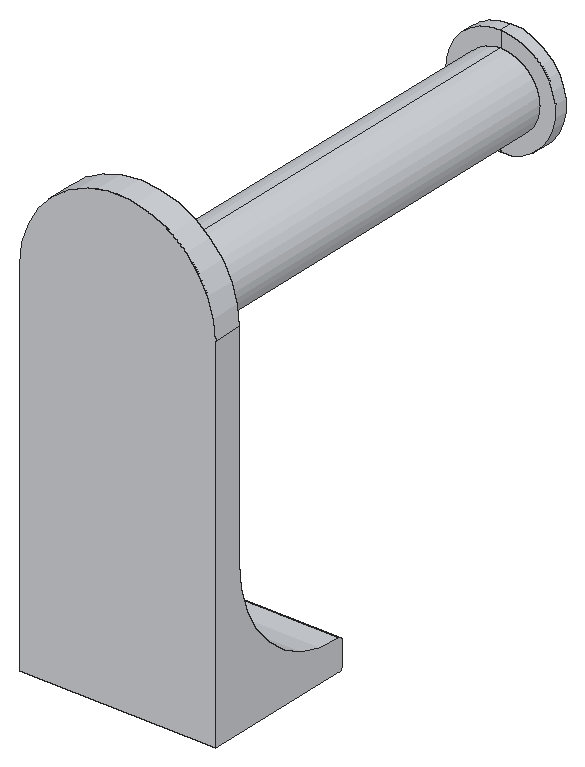
Revit family "Accessory-Tissue_Holder-KOHLER-Loure-K-11583", category Generic Models, host Face, Revit 2015
Parameters (values of type "CP-Polished Chrome")
  Width = 2"  # constant formula
  URL = "https://www.us.kohler.com/us/"
  Type = 1
  Product Page URL = "http://www.us.kohler.com/us/catalog/productDetails.jsp?productNumber=11583"
  Product Name = "Loure"  # constant formula
  Product Documentation Link = "https://www.us.kohler.com/onlinecatalog/pdf/K-11583_spec.pdf"
  Model = if(Type = 1, "K-11583-CP", if(Type = 2, "K-11583-SN", if(Type = 3, "K-11583-BN", "NA")))  # "K-11583-CP"
  Material = "Premium Metal Construction"  # constant formula
  MasterFormat 2004 = "10.28.13"  # constant formula
  MasterFormat 1995 = "10820"  # constant formula
  Manufacturer Address = "444 Highland Dr, Kohler, WI 53044"  # constant formula
  Manufacturer = "KOHLER Co."  # constant formula
  Length = 4 3/4"  # constant formula
  Height = 5"  # constant formula
  Finish = Kohler-Metal-CP-Polished_Chrome
  Environmental Product Declaration = ""
  Description = "Loure Vertical toilet tissue holder"  # constant formula
  Default Elevation = 42"
  Declare Label = ""
  Date Modified = "12/05/2017"  # constant formula
  Date Created = "12/05/2017"  # constant formula
  Copyright = "Copyright KOHLER Co."  # constant formula
  Contact Us = "https://www.us.kohler.com/us/static/contact.jsp"
  Assembly Code = "C1030200"
  ADA = no
Types (4): name | Type | Model | Finish
  (no name) | 1 | "K-11583-CP" | Kohler-Metal-CP-Polished_Chrome
  CP-Polished Chrome | 1 | "K-11583-CP" | Kohler-Metal-CP-Polished_Chrome
  SN-Vibrant Polished Nickel | 2 | "K-11583-SN" | Kohler-Metal-SN-Vibrant_Polished_Nickel
  BN-Vibrant Brushed Nickel | 3 | "K-11583-BN" | Kohler-Metal-BN-Vibrant_Brushed_Nickel
Reference planes (in)
  plane 1 "Center (Front/Back)": y = 0
  plane 2: z = 0
  plane 3 "Center (Left/Right)": x = 0
  plane 4: y = 4.21875
  plane 5: y = -0.78125
  plane 6: x = 1
  plane 7: z = 4.75
  plane 8: x = -1
Dimensions and locks (in)
  "Width": plane 8 to plane 6
  "Height": plane 5 to plane 4
  "Length": plane 7 to level
  aligned and locked: plane 2 to host face
  aligned and locked: level to host face
Automatic sketch dimensions
  host sketch curve to host sketch curve = 96"  (x2)
Nested families (in)
  nested 1: "K-11583" at (0, -0.80584, 3.51849) x (-1, 0, 0) z (0, 0, 1), type "K-11583"
Definition of nested family "K-11583"
  Parameters (values of type "K-11583")
    Material = none
  Reference planes (in)
    plane 1 "Center (Front/Back)": y = 0
    plane 2: z = 0
    plane 3 "Center (Left/Right)": x = 0
  Forms (in)
    Extrusion 1, solid, material <- "Material"
      sketch origin (0, 0, 0) x (0, 1, 0) y (0, 0, 1)
        loop
          line (0, -3.51849) -> (0, 1.2174) -> (-0.3, 1.2174) -> (-0.3, -1.95353)
          arc (-0.3, -1.95353) -> (-0.67701, -2.84817) -> (-1.58062, -3.20316) r 1.25
          arc (-1.58062, -3.20316) -> (-1.60254, -3.21177) -> (-1.61168, -3.23347) r 0.03032
          line (-1.61168, -3.23347) -> (-1.61168, -3.49011)
          arc (-1.61168, -3.49011) -> (-1.60337, -3.51018) -> (-1.5833, -3.51849) r 0.02838
          line (-1.5833, -3.51849) -> (0, -3.51849)
      from -0.99947 to 0.99947
    Extrusion 2, void
      sketch origin (0, 0, 0) x (1, 0, 0) y (0, 0, 1)
        loop
          arc (-0.99947, 0.20478) -> (0, 1.20424) -> (0.99947, 0.20478) r 0.99947
          line (0.99947, 0.20478) -> (1.3403, 0.20478) -> (1.3403, 1.41041) -> (-1.24947, 1.41041) -> (-1.24947, 0.20478) -> (-0.99947, 0.20478)
      from 0 to 0.39093
    Revolve 3, solid, material <- "Material"
      sketch origin (0, 0, 0) x (0, 1, 0) y (0, 0, 1)
        loop
          line (-5.04026, 0) -> (-0.3, 0) -> (-0.3, 0.3937) -> (-4.90039, 0.3937) -> (-4.90039, 0.5626) -> (-5.02892, 0.5626)
          arc (-5.02892, 0.5626) -> (-5.03743, 0.28136) -> (-5.04026, 0) r 13.96083
        axis (-5.04026, 0) -> (-0.3, 0)
      angle from 0 to 360
  Cuts and joins
    Extrusion 2 cuts Extrusion 1
    joined: Extrusion 1, Revolve 3
  Lines and regions (in)
    Masking region 1
      outline origin (0, 0, 0) x (1, 0, 0) y (0, 0, 1)
        loop
          line (-0.99947, 0.20478) -> (-0.99947, -3.51849) -> (0.99947, -3.51849) -> (0.99947, 0.20478)
          arc (0.99947, 0.20478) -> (0, 1.20424) -> (-0.99947, 0.20478) r 0.99947
    Masking region 2
      outline origin (0, 0, 0) x (0, 1, 0) y (0, 0, 1)
        loop
          line (0, -3.51849) -> (0, 1.20178) -> (-0.3, 1.20178) -> (-0.3, 0.3937) -> (-4.90039, 0.3937) -> (-4.90039, 0.5626) -> (-5.02892, 0.5626)
          arc (-5.02892, 0.5626) -> (-5.04092, 0) -> (-5.02892, -0.5626) r 13.20055
          line (-5.02892, -0.5626) -> (-4.90039, -0.5626) -> (-4.90039, -0.3937) -> (-0.3, -0.3937) -> (-0.3, -1.95353)
          arc (-0.3, -1.95353) -> (-0.67701, -2.84817) -> (-1.58062, -3.20316) r 1.25
          arc (-1.58062, -3.20316) -> (-1.60254, -3.21177) -> (-1.61168, -3.23347) r 0.03032
          line (-1.61168, -3.23347) -> (-1.61168, -3.49011)
          arc (-1.61168, -3.49011) -> (-1.60337, -3.51018) -> (-1.5833, -3.51849) r 0.02838
          line (-1.5833, -3.51849) -> (0, -3.51849)
    Masking region 3
      outline origin (0, 0, 0) x (1, 0, 0) y (0, 1, 0)
        loop
          line (0.99947, 0) -> (-0.99947, 0) -> (-0.99947, -1.61168) -> (-0.3937, -1.61168) -> (-0.3937, -4.90039) -> (-0.5626, -4.90039) -> (-0.5626, -5.02892)
          arc (-0.5626, -5.02892) -> (0, -5.0405) -> (0.5626, -5.02892) r 13.67742
          line (0.5626, -5.02892) -> (0.5626, -4.90039) -> (0.3937, -4.90039) -> (0.3937, -1.61168) -> (0.99947, -1.61168) -> (0.99947, 0)
    symbolic lines, detail levels medium+fine
      curve 1: arc (0, 0, 0.5626) -> (-0.5626, 0, 0) -> (0, 0, -0.5626) r 0.5626
      curve 2: arc (0, 0, -0.5626) -> (0.5626, 0, 0) -> (0, 0, 0.5626) r 0.5626
      curve 3: line (-0.99947, 0, -3.20316) -> (0.99947, 0, -3.20316)
      curve 4: line (0, -0.3, 0.3937) -> (0, -0.3, -0.3937)
      curve 5: line (0, -4.90039, 0.3937) -> (0, -4.90039, -0.3937)
      curve 6: line (-0.99947, -0.3, 0) -> (0.99947, -0.3, 0)
      curve 7: line (-0.5626, -4.90039, 0) -> (0, -4.90039, 0)
      curve 8: line (0, -4.90039, 0) -> (0.5626, -4.90039, 0)
      curve 9: line (-0.3937, -1.61168, 0) -> (-0.3937, -0.3, 0)
      curve 10: line (0.3937, -1.61168, 0) -> (0.3937, -0.3, 0)
  Dimensions and locks (in)
    aligned and locked: plane 2 to level
